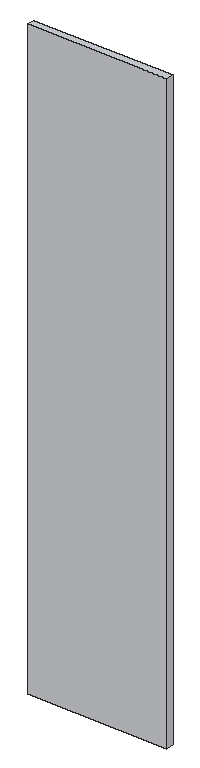
Revit family "Door_Panel_Dunbarton_Flush-Fold", category Generic Models, Revit 2026
Family settings
  Can host rebar = No
  Round Connector Dimension = Use Diameter
  Part Type = Normal
  Classification Number = 23.30.10.17.17
  Work Plane-Based = Yes
  Always vertical = No
  Cut with Voids When Loaded = No
  Maintain Annotation Orientation = No
  Shared = No
  Room Calculation Point = No
Parameters (values of type "Type as Specified")
  spacing [instance] = (Unit Height - (0' 0 5/8" * 2) - Top Gap - Bottom Gap - 0' 8 1/4" - 0' 7 1/4" - 4' 0") / 3  # 0' - 4.83333"
  lowerinsertheight [instance] = 2' - 5 7/8"  # constant formula
  insertwidth [instance] = Unit Width - (0' 3" * 2)  # 1' - 0"
  Warranty Duration (Years) = 0
  Unit Width [instance] = 1' - 6"
  Unit Height [instance] = 6' - 8"
  Unit Depth = 0' - 1"
  URL = "https://dunbarton.com/"
  Top Gap [instance] = 0' - 0 1/4"
  Specification = "http://www.arcat.com/sd/clients95/redifram.html?coid=32085"
  SpecWizard = ""
  Send Message = ""
  Sales Information = "https://dunbarton.com/distributors"
  Rotate [instance] = 0.00°
  Revision = "R1_08-2016"
  Product Properties = "https://dunbarton.com/sample-page"
  Product Data = "http://www.arcat.com/arcatcos/cos9532/arc32085.html"
  Model = "RediFrame 134 with Glazing Bead"
  Manufacturer Website = "https://dunbarton.com/"
  Manufacturer Phone - Toll Free = "800-633-7553"
  Manufacturer Phone = "334-794-0661"
  Manufacturer Fax = "334-793-7022"
  Manufacturer Address = "1101 Technology Dr.; Dothan;  AL 36303"
  Manufacturer = "Dunbarton Corporation"
  Maintenance Schedule (Months) = 0
  Keynote = "08 11 10"
  Installation-Fabrication = "https://dunbarton.com/resources/installation-videos"
  Installation Phase = ""
  Hinge B [instance] = yes
  Hinge A [instance] = yes
  Green Building-LEED = "http://www.arcat.com/green/clients95/leed_data_32085.html"
  Expected Lifespan (Years) = 0
  Drawn By = "Sumex Design, Inc. / Robert S. Weygant, CSI, CDT, SCIP"
  Door Finish [instance] = none
  Description = "Dunbarton Steel Borrowed Lite Window - RediFrame as Specified"
  Default Elevation = 0' - 0"  # constant formula
  Copyright = "©Arcat Inc."
  Construction Details = ""
  Bottom Gap [instance] = 0' - 0 1/2"
  Assembly Code = "C1020100"
Reference planes (in)
  plane 1 "Center (Front/Back)": y = 0
  plane 2 "Bottom": z = 0
  plane 3 "Center (Left/Right)": x = 0
  plane 4 "Top": z = 80
  plane 5: z = 79.375
  plane 6: z = 0.625
  plane 7: z = 1.125
  plane 8: z = 79.125
  plane 9: z = 40.125
  plane 10: x = 9
Forms (in)
  Extrusion 1, solid, material <- "Door Finish"
    sketch origin (0, 0, 0) x (1, 0, 0) y (0, 0, 1)
      loop
        line (0, 79.125) -> (0, 1.125) -> (18, 1.125) -> (18, 79.125) -> (0, 79.125)
    from 0 to 1
Lines and regions (in)
  reference lines
    curve 1: line (0, 0, 0) -> (18, 0, 0)
  model lines, style "GenericModelHiddenLines", visible <- "Hinge A"
    curve 2: line (18, -1, 79.125) -> (0, -1, 40.125)
    curve 3: line (0, -1, 40.125) -> (18, -1, 1.125)
    curve 4: line (18, 0, 79.125) -> (0, 0, 40.125)
    curve 5: line (0, 0, 40.125) -> (18, 0, 1.125)
  model lines, style "GenericModelHiddenLines", visible <- "Hinge B"
    curve 6: line (0, -1, 79.125) -> (18, -1, 40.125)
    curve 7: line (18, -1, 40.125) -> (0, -1, 1.125)
    curve 8: line (0, 0, 79.125) -> (18, 0, 40.125)
    curve 9: line (18, 0, 40.125) -> (0, 0, 1.125)
Dimensions and locks (in)
  "Unit Height": plane 4 "Top" to level
  locked: plane 4 "Top" to plane 5 at 0.625
  "Top Gap": plane 5 to plane 8
  locked: plane 6 to level at 0.625
  "Bottom Gap": plane 7 to plane 6
  "Unit Width": curve 1 to curve 1
  equal spacing: plane 8, plane 9, plane 7
  "Rotate": angle plane 1 "Center (Front/Back)" to curve 1
  aligned and locked: plane 1 "Center (Front/Back)" to curve 1
  aligned and locked: plane 3 "Center (Left/Right)" to curve 1
  aligned and locked: Extrusion 1 sketch curve to curve 1
  aligned and locked: curve 1 to Extrusion 1 sketch curve
  aligned and locked: Extrusion 1 sketch curve to plane 8
  aligned and locked: plane 7 to Extrusion 1 sketch curve
  aligned and locked: plane 9 to curve 3
  aligned and locked: plane 9 to curve 5
  aligned and locked: plane 9 to curve 7
  aligned and locked: plane 9 to curve 8
Automatic sketch dimensions
  Extrusion 1 to curve 2 = 0' - 0"
  curve 6 to Extrusion 1 = 0' - 0"  (x3)
  Extrusion 1 to curve 7 = 0' - 0"
  curve 3 to Extrusion 1 = 0' - 0"  (x2)
  curve 2 to Extrusion 1 = 0' - 0"  (x2)
  curve 7 to Extrusion 1 = 0' - 0"
  curve 4 to Extrusion 1 = 0' - 0"  (x3)
  curve 8 to Extrusion 1 = 0' - 0"  (x2)
  curve 9 to Extrusion 1 = 0' - 0"  (x2)
  Extrusion 1 to curve 8 = 0' - 0"
  Extrusion 1 to curve 5 = 0' - 0"
  curve 5 to Extrusion 1 = 0' - 0"
